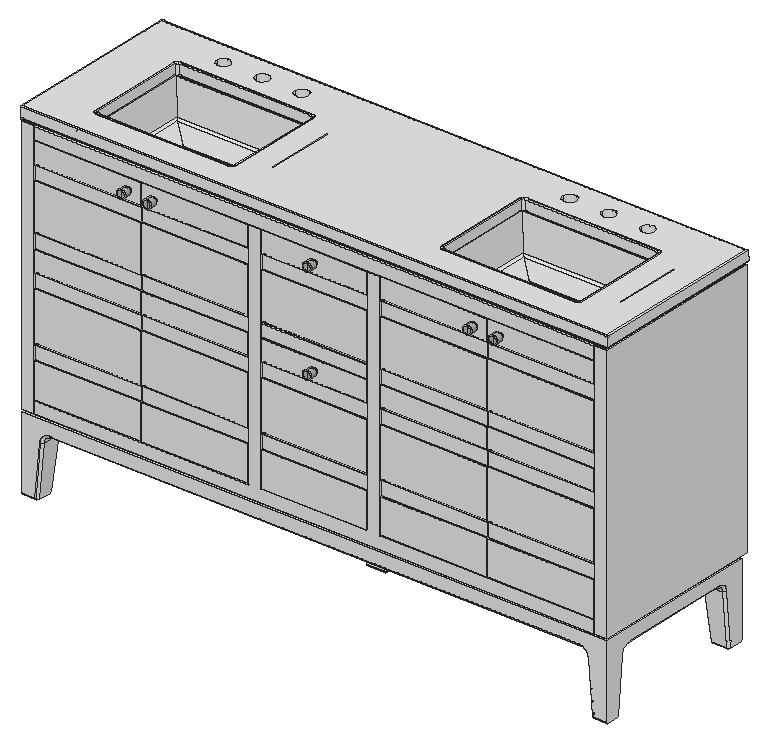
Revit family "Furniture-Floor_Mount-Vanity-KOHLER-HELST-K-33527_1", category Plumbing Fixtures, host Face, Revit 2017
Family settings
  Host = Face
  Round Connector Dimension = Use Diameter
  Part Type = Normal
  OmniClass Number = 23.31.25.13
  OmniClass Title = Bathroom Cabinets
  Cut with Voids When Loaded = No
  Shared = No
  Room Calculation Point = No
Parameters (values of type "0- White")
  Width = 60 39/256"  # constant formula
  WaterSense Certified = 1 = 0  # no
  Waste Water Outlet 2 = "Waste Water Outlet 2"  # constant formula
  Waste Water Outlet 1 = "Waste Water Outlet 1"  # constant formula
  Waste Connection = 1 = 1  # yes
  Vent Connection = 1 = 0  # no
  URL = "https://www.us.kohler.com/us/"
  Type = 1
  Product Page URL = "http://www.us.kohler.com/us/catalog/productDetails.jsp?productId=33527-ASB"
  Product Name = "HELST"  # constant formula
  Product Documentation Link = "https://www.us.kohler.com/webassets/kpna/catalog/pdf/en/K-33527-ASB_spec.pdf"
  Model = if(Type = 1, "K-33527-ASB-0", if(Type = 2, "K-33527-ASB-1WT", "NA"))  # "K-33527-ASB-0"
  Material = "Solid Wood"  # constant formula
  Master Format 2014 Name = "Residential Lavatories and Sinks"  # constant formula
  Master Format 2014 = "22 41 16"  # constant formula
  Manufacturer Address = "444 Highland Dr, Kohler, WI 53044"  # constant formula
  Manufacturer = "KOHLER Co."  # constant formula
  Length = 18 245/256"  # constant formula
  Hot Water Inlet = "Hot Water Inlet"  # constant formula
  Height = 35 201/256"  # constant formula
  Hardware Included = 1 = 1  # yes
  HW Connection = 1 = 0  # no
  Finish = Kohler-Wood-Molded-0-White
  Environmental Product Declaration = ""
  Drain Included = 1 = 0  # no
  Description = "VANITY 60 INCHES"  # constant formula
  Default Elevation = 0"
  Declare Label = ""
  Date Modified = "02/16/2021"  # constant formula
  Date Created = "02/16/2021"  # constant formula
  Copyright = "Copyright KOHLER Co."  # constant formula
  Contact Us = "https://www.us.kohler.com/us/static/contact.jsp"
  Cold Water Inlet = "Cold Water Inlet"  # constant formula
  CW Connection = 1 = 0  # no
  Assembly Code = "D2010400"
  ADA Compliant = 1 = 0  # no
Reference planes (in)
  plane 1 "Center (Front/Back)": y = 0
  plane 2: z = 0
  plane 3 "Center (Left/Right)": x = 0
  plane 4: y = 9.0231191
  plane 5: y = -9.0231191
  plane 6: x = -30.0768785
  plane 7: x = 30.0754652
  plane 8: x = -17.7755832
  plane 9: x = 17.7373349
  plane 10: y = -9.9339122
  plane 11: z = 35.7851562
  plane 12: z = 22.6757812
  plane 13: z = 21.7712795
  plane 14: x = -4.015748
  plane 15: x = 4.015748
  plane 16: x = -21.7373349
  plane 17: x = -13.8138315
  plane 18: x = 21.7373349
  plane 19: x = 13.8138315
  plane 20: y = 6.595383
  plane 21: y = -0.9768809
  plane 22: x = -29.1830635
  plane 23: x = 29.1830635
  plane 24: z = 6.1694272
  plane 25: z = 28.4623216
Dimensions and locks (in)
  "Width": plane 6 to plane 7
  "Height": plane 11 to level
  "Length": plane 4 to plane 10
  plane 4 to plane 5 = 18.04624"
  plane 6 to plane 8 to plane 9 to plane 7 = 12.3013", 35.51292", 12.33813"
  plane 16 to plane 8 to plane 17 = 3.96175", 3.96175"
  plane 19 to plane 9 to plane 18 = 3.9235", 4"
  plane 4 to plane 20 = 2.42774"
  plane 4 to plane 21 = 10"
  plane 1 "Center (Front/Back)" to plane 20 = 6.59538"
  plane 5 to plane 4 = 18.04624"
  plane 23 to plane 3 "Center (Left/Right)" to plane 22 = 29.18306", 29.18306"
  plane 24 to level = 6.16943"
  plane 25 to plane 11 = 7.32283"
  aligned and locked: plane 2 to host face
  aligned and locked: level to host face
Automatic sketch dimensions
  host sketch curve to host sketch curve = 96"  (x2)
Nested families (in)
  nested 1: "K-33527" at (0, 0, 0), type "K-33527"
Connectors (in)
  piping at (-17.7373434, -0.9375, 28.4248228), diameter 1.25, driven by "Waste Connection", driven by "Waste Water Outlet 1"
    settings: on nested 1, index 1, connector inside diameter 24", connector length 0", flow factor 0, pipe flow 0 GPM, pressure drop 0.00 psi, fitting loss kfactor 0, connector angle 0.00°, fixture units 0, engagement length 0", angle of deflection 0.00°, flow configuration 0, flow direction 2, fitting loss method 0, system type 16, joint type 0, gender type 0, connector reference index -1, connector utility 1, adjustable connector no, is connector primary yes, connector description "Waste Water Outlet 1"
  piping at (17.7373434, -0.9375, 28.4248228), diameter 1.25, driven by "Waste Connection", driven by "Waste Water Outlet 2"
    settings: on nested 1, index 2, connector inside diameter 24", connector length 0", flow factor 0, pipe flow 0 GPM, pressure drop 0.00 psi, fitting loss kfactor 0, connector angle 0.00°, fixture units 0, engagement length 0", angle of deflection 0.00°, flow configuration 0, flow direction 2, fitting loss method 0, system type 16, joint type 0, gender type 0, connector reference index -1, connector utility 1, adjustable connector no, is connector primary no, connector description "Waste Water Outlet 2"
Definition of nested family "K-33527"
  Parameters (values of type "K-33527")
    Material = none
  Reference planes (in)
    plane 1 "Center (Front/Back)": y = 0
    plane 2: z = 0
    plane 3 "Center (Left/Right)": x = 0
    plane 4: y = 9.0231191
    plane 5: y = 7.287481
    plane 6: y = 5.903285
    plane 7: y = 6.595383
    plane 8: y = 4.3554042
    plane 9: y = -6.0885751
    plane 10: y = -9.0231189
    plane 11: x = -30.0768785
    plane 12: x = -24.7872896
    plane 13: x = -10.6874812
    plane 14: x = 24.7872896
    plane 15: x = 10.6852294
    plane 16: x = -22.4294329
    plane 17: x = -21.0452369
    plane 18: x = -21.7373349
    plane 19: x = -18.4294329
    plane 20: x = -17.0452369
    plane 21: x = -17.7373349
    plane 22: x = -14.4294329
    plane 23: x = -13.0452369
    plane 24: x = -13.7373349
    plane 25: x = 22.4294329
    plane 26: x = 21.0452369
    plane 27: x = 21.7373349
    plane 28: x = 18.4294329
    plane 29: x = 17.0452369
    plane 30: x = 17.7373349
    plane 31: x = 14.4294329
    plane 32: x = 13.0452369
    plane 33: x = 13.7373349
    plane 34: y = -9.9333534
    plane 35: x = -19.4952722
    plane 36: x = -18.6150637
    plane 37: x = -16.857039
    plane 38: x = -15.9768306
    plane 39: x = 15.9755667
    plane 40: x = 16.8557751
    plane 41: x = 18.6137999
    plane 42: x = 19.4940083
    plane 43: x = -0.435164
    plane 44: x = 0.4450444
    plane 45: z = 35.7870276
    plane 46: z = 34.6059252
    plane 47: z = 34.3697047
    plane 48: z = 33.1098622
    plane 49: z = 33.011437
    plane 50: z = 30.8460827
    plane 51: z = 29.3495177
    plane 52: z = 24.5670571
    plane 53: z = 23.0700455
    plane 54: z = 20.9252695
    plane 55: z = 19.4283685
    plane 56: z = 14.3700961
    plane 57: z = 12.8733056
    plane 58: z = 9.3109857
    plane 59: z = 9.2122677
    plane 60: z = 7.9524252
    plane 61: z = 7.7164252
    plane 62: z = 6.4450177
    plane 63: z = 6.1694272
    plane 64: z = 0.236
    plane 65: z = 0.118
    plane 66: x = -28.7401502
    plane 67: x = -28.641725
    plane 68: x = -17.7755832
    plane 69: x = -17.677158
    plane 70: x = -6.8307013
    plane 71: x = -6.7322761
    plane 72: x = -5.4728588
    plane 73: x = -5.3744336
    plane 74: x = 28.7401502
    plane 75: x = 28.641725
    plane 76: x = 17.7952679
    plane 77: x = 17.677158
    plane 78: x = 6.8307013
    plane 79: x = 6.7322761
    plane 80: x = 5.4728588
    plane 81: x = 5.3744336
    plane 82: x = 29.7865879
    plane 83: x = -29.9999927
    plane 84: x = -29.7865879
    plane 85: x = 30.0768785
    plane 86: x = 29.9999927
    plane 87: x = -1.0036188
    plane 88: x = 1.0036188
    plane 89: z = 32.3711764
    plane 90: z = 31.4863433
    plane 91: z = 22.4493365
    plane 92: z = 21.5645033
    plane 93: z = 6.2004567
    plane 94: y = 1.0317426
    plane 95: y = -0.9761324
    plane 96: y = 8.9440182
    plane 97: y = -8.9690487
    plane 98: y = 8.2750458
    plane 99: z = 22.6767913
    plane 100: z = 21.7712795
    plane 101: x = -4.015748
    plane 102: x = 4.015748
    plane 103: y = 4.2538417
    plane 104: y = -5.9870126
    plane 105: x = -24.6857271
    plane 106: x = 24.6857271
    plane 107: x = 10.7889428
    plane 108: x = -10.7889428
    plane 109 "cc": y = -0.9768809
    plane 110: z = 28.4248228
    plane 111: z = 28.4248228
  Forms (in)
    Sweep 1, solid, detail levels medium+fine
      path origin (0, 0, 0) x (1, 0, 0) y (0, 1, 0)
        loop
          line (30.0599998, -9.0062405) -> (30.0599998, 9.0062407) -> (-30.0600002, 9.0062407) -> (-30.0600002, -9.0062405) -> (30.0599998, -9.0062405)
      profile origin (-0.0000002, -9.0062405, 0) x (0, -1, 0) y (0, 0, 1)
        loop
          line (0.0168784, 34.7136891) -> (0.0000008, 35.6806018)
          arc (0.0000008, 35.6806018) -> (-0.032379, 35.7559679) -> (-0.1082988, 35.7870276) r 0.1083162
          line (-0.1082988, 35.7870276) -> (-0.81048, 35.7870276) -> (-0.81048, 34.3699252) -> (-0.2734123, 34.3699252) -> (-0.2734123, 34.6059252) -> (-0.0890209, 34.6059252)
          arc (-0.0890209, 34.6059252) -> (-0.0134767, 34.6376035) -> (0.0168784, 34.7136891) r 0.1059154
    Extrusion 2, solid, detail levels medium+fine
      sketch origin (0, 0, 0) x (1, 0, 0) y (0, 1, 0)
        loop
          line (-29.2495201, 8.1957607) -> (-29.2495201, -8.1957605) -> (29.2495198, -8.1957605) -> (29.2495198, 8.1957607) -> (-29.2495201, 8.1957607)
        loop
          circle (-21.7373349, 6.595383) r 0.692098
        loop
          circle (-17.7373349, 6.595383) r 0.692098
        loop
          circle (-13.7373349, 6.595383) r 0.692098
        loop
          circle (13.7392276, 6.595383) r 0.692098
        loop
          circle (17.7392276, 6.595383) r 0.692098
        loop
          circle (21.7392276, 6.595383) r 0.692098
        loop
          line (-10.9042139, 4.5014996) -> (-24.5714364, 4.5014996)
          arc (-24.5714364, 4.5014996) -> (-24.8259009, 4.3960969) -> (-24.9313036, 4.1416324) r 0.3598672
          line (-24.9313036, 4.1416324) -> (-24.9313036, -5.8718944)
          arc (-24.9313036, -5.8718944) -> (-24.824963, -6.1286234) -> (-24.568234, -6.234964) r 0.3630696
          line (-24.568234, -6.234964) -> (-10.9067949, -6.234964)
          arc (-10.9067949, -6.234964) -> (-10.6483487, -6.127912) -> (-10.5412967, -5.8694658) r 0.3654982
          line (-10.5412967, -5.8694658) -> (-10.5412967, 4.1385824)
          arc (-10.5412967, 4.1385824) -> (-10.6475927, 4.3952036) -> (-10.9042139, 4.5014996) r 0.3629172
        loop
          line (24.5683861, 4.5014996) -> (10.9011636, 4.5014996)
          arc (10.9011636, 4.5014996) -> (10.6466991, 4.3960969) -> (10.5412964, 4.1416324) r 0.3598672
          line (10.5412964, 4.1416324) -> (10.5412964, -5.8718944)
          arc (10.5412964, -5.8718944) -> (10.647637, -6.1286234) -> (10.904366, -6.234964) r 0.3630696
          line (10.904366, -6.234964) -> (24.5658051, -6.234964)
          arc (24.5658051, -6.234964) -> (24.8242513, -6.127912) -> (24.9313033, -5.8694658) r 0.3654982
          line (24.9313033, -5.8694658) -> (24.9313033, 4.1385824)
          arc (24.9313033, 4.1385824) -> (24.8250073, 4.3952036) -> (24.5683861, 4.5014996) r 0.3629172
      from 34.6059252 to 35.7870276
    Sweep 3, solid, detail levels medium+fine
      path origin (0, 0, 0) x (1, 0, 0) y (0, 1, 0)
        loop
          arc (-24.5714364, 4.4667579) -> (-24.8013348, 4.3715308) -> (-24.8965619, 4.1416324) r 0.3251255
          line (-24.8965619, 4.1416324) -> (-24.8965619, -5.8718944)
          arc (-24.8965619, -5.8718944) -> (-24.8003969, -6.1040573) -> (-24.568234, -6.2002223) r 0.3283279
          line (-24.568234, -6.2002223) -> (-10.9067949, -6.2002223)
          arc (-10.9067949, -6.2002223) -> (-10.6729147, -6.103346) -> (-10.5760384, -5.8694658) r 0.3307565
          line (-10.5760384, -5.8694658) -> (-10.5760384, 4.1385824)
          arc (-10.5760384, 4.1385824) -> (-10.6721588, 4.3706375) -> (-10.9042139, 4.4667579) r 0.3281755
          line (-10.9042139, 4.4667579) -> (-24.5714364, 4.4667579)
      profile origin (-17.7378252, 4.4667579, 0) x (0, 1, 0) y (0, 0, 1)
        loop
          arc (-0.1113447, 34.7001523) -> (-0.0848027, 34.6336242) -> (-0.018748, 34.6059252) r 0.0926108
          line (-0.018748, 34.6059252) -> (0.0347417, 34.6059252) -> (0.0347417, 35.7870276) -> (0.0001575, 35.7870276)
          arc (0.0001575, 35.7870276) -> (-0.0658401, 35.7600272) -> (-0.0939882, 35.6945109) r 0.09416
          line (-0.0939882, 35.6945109) -> (-0.1113447, 34.7001523)
    Sweep 4, solid, detail levels medium+fine
      path origin (35.4726, 0, 0) x (1, 0, 0) y (0, 1, 0)
        loop
          arc (-24.5714364, 4.4667579) -> (-24.8013348, 4.3715308) -> (-24.8965619, 4.1416324) r 0.3251255
          line (-24.8965619, 4.1416324) -> (-24.8965619, -5.8718944)
          arc (-24.8965619, -5.8718944) -> (-24.8003969, -6.1040573) -> (-24.568234, -6.2002223) r 0.3283279
          line (-24.568234, -6.2002223) -> (-10.9067949, -6.2002223)
          arc (-10.9067949, -6.2002223) -> (-10.6729147, -6.103346) -> (-10.5760384, -5.8694658) r 0.3307565
          line (-10.5760384, -5.8694658) -> (-10.5760384, 4.1385824)
          arc (-10.5760384, 4.1385824) -> (-10.6721588, 4.3706375) -> (-10.9042139, 4.4667579) r 0.3281755
          line (-10.9042139, 4.4667579) -> (-24.5714364, 4.4667579)
      profile origin (17.7347748, 4.4667579, 0) x (0, 1, 0) y (0, 0, 1)
        loop
          arc (-0.1113447, 34.7001523) -> (-0.0848027, 34.6336242) -> (-0.018748, 34.6059252) r 0.0926108
          line (-0.018748, 34.6059252) -> (0.0347417, 34.6059252) -> (0.0347417, 35.7870276) -> (0.0001575, 35.7870276)
          arc (0.0001575, 35.7870276) -> (-0.0658401, 35.7600272) -> (-0.0939882, 35.6945109) r 0.09416
          line (-0.0939882, 35.6945109) -> (-0.1113447, 34.7001523)
    Extrusion 5, solid, material <- "Material", detail levels medium+fine
      sketch origin (0, 0, 0) x (1, 0, 0) y (0, 0, 1)
        loop
          line (28.7401498, 7.9524252) -> (29.9999924, 7.9524252) -> (29.9999924, 34.3697047) -> (-29.9999927, 34.3697047) -> (-29.9999927, 7.9524252) -> (-28.7401502, 7.9524252) -> (-28.7401502, 33.011437) -> (28.7401498, 33.011437) -> (28.7401498, 7.9524252)
      from -8.9440182 to 8.9690487
    Extrusion 6, solid, material <- "Material", detail levels medium+fine
      sketch origin (0, 0, 0) x (1, 0, 0) y (0, 0, 1)
        loop
          line (6.7322758, 9.3106496) -> (6.7322758, 16.2430345) -> (6.7322758, 33.011437) -> (6.1416144, 33.011437) -> (6.1416144, 9.3106496) -> (6.7322758, 9.3106496)
      from -8.3490735 to 8.3391274
    Extrusion 7, solid, material <- "Material", detail levels medium+fine
      sketch origin (0, 0, 0) x (1, 0, 0) y (0, 1, 0)
        loop
          arc (19.7633231, -0.9459892) -> (17.7554491, -2.9538632) -> (15.747575, -0.9459892) r 2.007874
          line (15.747575, -0.9459892) -> (15.747575, 4.0219119) -> (6.7322758, 4.0219119) -> (6.7322758, -8.2603873) -> (29.4089924, -8.2603873) -> (29.4089924, 4.0219119) -> (19.7633231, 4.0219119) -> (19.7633231, -0.9459892)
        loop
          line (-29.4089927, -8.2603873) -> (-6.7322754, -8.2603873) -> (-6.7322754, 4.0219119) -> (-15.7475754, 4.0219119) -> (-15.7475754, -0.9392642)
          arc (-15.7475754, -0.9392642) -> (-17.7554494, -2.9471382) -> (-19.7633234, -0.9392642) r 2.007874
          line (-19.7633234, -0.9392642) -> (-19.7633234, 4.0219119) -> (-29.4089927, 4.0219119) -> (-29.4089927, -8.2603873)
      from 16.3758736 to 16.9664248
    Extrusion 8, solid, material <- "Material", detail levels medium+fine
      sketch origin (-0.0008672, 0, 0) x (-1, 0, 0) y (0, 0, -1)
        loop
          line (6.8298341, -9.3106496) -> (6.1408577, -9.3106496) -> (6.1408577, -33.011437) -> (6.8298341, -33.011437) -> (6.8298341, -16.2430345) -> (6.8298341, -9.3106496)
      from -8.3490735 to 8.3391274
    Extrusion 9, solid, material <- "Material", detail levels medium+fine
      sketch origin (0, 0, 0) x (1, 0, 0) y (0, 0, 1)
        loop
          line (6.1417404, 24.3892806) -> (-6.1417242, 24.3892806) -> (-6.1417242, 23.7987306) -> (6.1417404, 23.7987306) -> (6.1417404, 24.3892806)
      from -8.3544824 to -4.7507642
    Extrusion 10, void
      sketch origin (0, 0, 0) x (0, 1, 0) y (0, 0, 1)
        loop
          line (-9.0802332, 33.0317087) -> (-8.8917101, 33.0317087) -> (-8.8917101, 33.1098622) -> (-9.0802332, 33.1098622) -> (-9.0802332, 33.0317087)
        loop
          arc (-8.8509385, 30.8072789) -> (-8.8623038, 30.8347173) -> (-8.8897423, 30.8460827) r 0.0388038
          line (-8.8897423, 30.8460827) -> (-9.0802332, 30.8460827) -> (-9.0802332, 29.3500197) -> (-8.8892403, 29.3500197)
          arc (-8.8892403, 29.3500197) -> (-8.8621568, 29.361238) -> (-8.8509385, 29.3883215) r 0.0383019
          line (-8.8509385, 29.3883215) -> (-8.8509385, 30.8072789)
        loop
          arc (-8.8509385, 24.5277872) -> (-8.8622933, 24.5552003) -> (-8.8897064, 24.5665551) r 0.0387679
          line (-8.8897064, 24.5665551) -> (-9.0802332, 24.5665551) -> (-9.0802332, 23.0704921) -> (-8.8897616, 23.0704921)
          arc (-8.8897616, 23.0704921) -> (-8.8623095, 23.0818632) -> (-8.8509385, 23.1093153) r 0.0388232
          line (-8.8509385, 23.1093153) -> (-8.8509385, 24.5277872)
        loop
          arc (-8.8509385, 20.8860549) -> (-8.8622933, 20.913468) -> (-8.8897064, 20.9248228) r 0.0387679
          line (-8.8897064, 20.9248228) -> (-9.0802332, 20.9248228) -> (-9.0802332, 19.4287598) -> (-8.8897616, 19.4287598)
          arc (-8.8897616, 19.4287598) -> (-8.8623095, 19.4401309) -> (-8.8509385, 19.467583) r 0.0388232
          line (-8.8509385, 19.467583) -> (-8.8509385, 20.8860549)
        loop
          arc (-8.8509385, 14.3309368) -> (-8.8622933, 14.3583499) -> (-8.8897064, 14.3697047) r 0.0387679
          line (-8.8897064, 14.3697047) -> (-9.0802332, 14.3697047) -> (-9.0802332, 12.8736417) -> (-8.8897616, 12.8736417)
          arc (-8.8897616, 12.8736417) -> (-8.8623095, 12.8850128) -> (-8.8509385, 12.9124649) r 0.0388232
          line (-8.8509385, 12.9124649) -> (-8.8509385, 14.3309368)
        loop
          line (-8.89097, 9.2122677) -> (-8.89097, 9.3106496) -> (-9.0802332, 9.3106496) -> (-9.0802332, 9.2122677) -> (-8.89097, 9.2122677)
      from -28.7401502 to 28.7401498
    Extrusion 11, solid, material <- "Material", detail levels medium+fine
      sketch origin (0, 0, 0) x (1, 0, 0) y (0, 0, 1)
        loop
          line (-28.7401502, 7.9524252) -> (28.7401498, 7.9524252) -> (28.7401498, 34.3697047) -> (-28.7401502, 34.3697047) -> (-28.7401502, 7.9524252)
      from 8.2603873 to 8.9690487
    Extrusion 12, void
      sketch origin (0, 0, 0) x (1, 0, 0) y (0, 0, 1)
        loop
          line (-28.7401502, 34.3697047) -> (-28.7401502, 7.9524252) -> (-28.66141, 7.9524252) -> (-28.66141, 9.2122677) -> (-6.7322761, 9.2122677) -> (-6.7322761, 33.0317087) -> (-5.4724336, 33.0317087) -> (-5.4724336, 24.1179771) -> (-5.4724336, 9.2122677) -> (5.4724333, 9.2122677) -> (5.4724333, 24.6967675) -> (5.4724333, 33.0317087) -> (6.7322758, 33.0317087) -> (6.7322758, 9.2122677) -> (28.6614246, 9.2122677) -> (28.6614246, 7.9524252) -> (28.7401498, 7.9524252) -> (28.7401498, 34.3697047) -> (28.6614097, 34.3697047) -> (28.6614097, 33.1098622) -> (-28.66141, 33.1098622) -> (-28.66141, 34.3697047) -> (-28.7401502, 34.3697047)
        loop
          line (-28.641725, 9.3106496) -> (-17.7952683, 9.3106496) -> (-17.7952683, 33.011437) -> (-28.641725, 33.011437) -> (-28.641725, 9.3106496)
        loop
          line (-17.677158, 9.3106496) -> (-6.8307013, 9.3106496) -> (-6.8307013, 33.011437) -> (-17.677158, 33.011437) -> (-17.677158, 9.3106496)
        loop
          line (-5.3744336, 9.3106496) -> (5.3735664, 9.3106496) -> (5.3735664, 23.0901772) -> (-5.3744336, 23.0901772) -> (-5.3744336, 9.3106496)
        loop
          line (-5.3744336, 24.5468701) -> (5.3735664, 24.5468701) -> (5.3735664, 33.011437) -> (-5.3744336, 33.011437) -> (-5.3744336, 24.5468701)
        loop
          line (-5.3744336, 24.4482913) -> (-5.3744336, 23.1884488) -> (5.3735664, 23.1884488) -> (5.3735664, 24.4482913) -> (-5.3744336, 24.4482913)
        loop
          line (28.6417246, 9.3106496) -> (28.6417246, 33.011437) -> (17.7952679, 33.011437) -> (17.7952679, 9.3106496) -> (28.6417246, 9.3106496)
        loop
          line (6.830701, 9.3106496) -> (17.6771577, 9.3106496) -> (17.6771577, 33.011437) -> (6.830701, 33.011437) -> (6.830701, 9.3106496)
      from 8.7081337 to 9.0730732
    Revolve 13, solid, detail levels medium+fine
      sketch origin (0, 0, 0) x (0, 1, 0) y (0, 0, 1)
        loop
          line (-9.2400531, 32.347618) -> (-9.8922674, 32.3703938)
          arc (-9.8922674, 32.3703938) -> (-9.9214161, 32.3592047) -> (-9.9336156, 32.3304643) r 0.0399538
          line (-9.9336156, 32.3304643) -> (-9.9336156, 31.9287598) -> (-8.8990226, 31.9287598) -> (-8.8990226, 32.20578)
          arc (-8.8990226, 32.20578) -> (-9.0071735, 32.2077311) -> (-9.1125109, 32.2323167) r 0.5129809
          arc (-9.1125109, 32.2323167) -> (-9.1478684, 32.2480926) -> (-9.1800577, 32.2696072) r 0.2286825
          arc (-9.1800577, 32.2696072) -> (-9.2039018, 32.2962523) -> (-9.2177013, 32.3292384) r 0.1076304
          arc (-9.2177013, 32.3292384) -> (-9.225764, 32.3422143) -> (-9.2400531, 32.347618) r 0.023806
        axis (-8.8990226, 31.9287598) -> (-9.9336156, 31.9287598)
      angle from 0 to 360
    Revolve 14, solid, detail levels medium+fine
      sketch origin (-16.4167526, 0, 0) x (0, 1, 0) y (0, 0, 1)
        loop
          line (-9.2400531, 32.347618) -> (-9.8922674, 32.3703938)
          arc (-9.8922674, 32.3703938) -> (-9.9214161, 32.3592047) -> (-9.9336156, 32.3304643) r 0.0399538
          line (-9.9336156, 32.3304643) -> (-9.9336156, 31.9287598) -> (-8.8685293, 31.9287598) -> (-8.8685293, 32.2093802)
          arc (-8.8685293, 32.2093802) -> (-8.9919099, 32.2060654) -> (-9.1125109, 32.2323167) r 0.5129809
          arc (-9.1125109, 32.2323167) -> (-9.1478684, 32.2480926) -> (-9.1800577, 32.2696072) r 0.2286825
          arc (-9.1800577, 32.2696072) -> (-9.2039018, 32.2962523) -> (-9.2177013, 32.3292384) r 0.1076304
          arc (-9.2177013, 32.3292384) -> (-9.225764, 32.3422143) -> (-9.2400531, 32.347618) r 0.023806
        axis (-8.8685293, 31.9287598) -> (-9.9336156, 31.9287598)
      angle from 0 to 360
    Revolve 15, solid, detail levels medium+fine
      sketch origin (-19.054536, 0, 0) x (0, 1, 0) y (0, 0, 1)
        loop
          line (-9.2400531, 32.347618) -> (-9.8922674, 32.3703938)
          arc (-9.8922674, 32.3703938) -> (-9.9214161, 32.3592047) -> (-9.9336156, 32.3304643) r 0.0399538
          line (-9.9336156, 32.3304643) -> (-9.9336156, 31.9287598) -> (-8.8816326, 31.9287598) -> (-8.8816326, 32.2076062)
          arc (-8.8816326, 32.2076062) -> (-8.9984883, 32.2067266) -> (-9.1125109, 32.2323167) r 0.5129809
          arc (-9.1125109, 32.2323167) -> (-9.1478684, 32.2480926) -> (-9.1800577, 32.2696072) r 0.2286825
          arc (-9.1800577, 32.2696072) -> (-9.2039018, 32.2962523) -> (-9.2177013, 32.3292384) r 0.1076304
          arc (-9.2177013, 32.3292384) -> (-9.225764, 32.3422143) -> (-9.2400531, 32.347618) r 0.023806
        axis (-8.8816326, 31.9287598) -> (-9.9336156, 31.9287598)
      angle from 0 to 360
    Revolve 16, solid, detail levels medium+fine
      sketch origin (16.4179072, 0, 0) x (0, 1, 0) y (0, 0, 1)
        loop
          line (-9.2400531, 32.347618) -> (-9.8922674, 32.3703938)
          arc (-9.8922674, 32.3703938) -> (-9.9214161, 32.3592047) -> (-9.9336156, 32.3304643) r 0.0399538
          line (-9.9336156, 32.3304643) -> (-9.9336156, 31.9287598) -> (-8.8918916, 31.9287598) -> (-8.8918916, 32.2064564)
          arc (-8.8918916, 32.2064564) -> (-9.0036178, 32.2073017) -> (-9.1125109, 32.2323167) r 0.5129809
          arc (-9.1125109, 32.2323167) -> (-9.1478684, 32.2480926) -> (-9.1800577, 32.2696072) r 0.2286825
          arc (-9.1800577, 32.2696072) -> (-9.2039018, 32.2962523) -> (-9.2177013, 32.3292384) r 0.1076304
          arc (-9.2177013, 32.3292384) -> (-9.225764, 32.3422143) -> (-9.2400531, 32.347618) r 0.023806
        axis (-8.8918916, 31.9287598) -> (-9.9336156, 31.9287598)
      angle from 0 to 360
    Revolve 17, solid, detail levels medium+fine
      sketch origin (19.0556947, 0, 0) x (0, 1, 0) y (0, 0, 1)
        loop
          line (-9.2400531, 32.347618) -> (-9.8922674, 32.3703938)
          arc (-9.8922674, 32.3703938) -> (-9.9214161, 32.3592047) -> (-9.9336156, 32.3304643) r 0.0399538
          line (-9.9336156, 32.3304643) -> (-9.9336156, 31.9287598) -> (-8.8545902, 31.9287598) -> (-8.8545902, 32.2116471)
          arc (-8.8545902, 32.2116471) -> (-8.9848752, 32.2054529) -> (-9.1125109, 32.2323167) r 0.5129809
          arc (-9.1125109, 32.2323167) -> (-9.1478684, 32.2480926) -> (-9.1800577, 32.2696072) r 0.2286825
          arc (-9.1800577, 32.2696072) -> (-9.2039018, 32.2962523) -> (-9.2177013, 32.3292384) r 0.1076304
          arc (-9.2177013, 32.3292384) -> (-9.225764, 32.3422143) -> (-9.2400531, 32.347618) r 0.023806
        axis (-8.8545902, 31.9287598) -> (-9.9336156, 31.9287598)
      angle from 0 to 360
    Revolve 18, solid, detail levels medium+fine
      sketch origin (0.0001255, 0, -9.92184) x (0, 1, 0) y (0, 0, 1)
        loop
          line (-9.2400531, 32.347618) -> (-9.8922674, 32.3703938)
          arc (-9.8922674, 32.3703938) -> (-9.9214161, 32.3592047) -> (-9.9336156, 32.3304643) r 0.0399538
          line (-9.9336156, 32.3304643) -> (-9.9336156, 31.9287598) -> (-8.8393249, 31.9287598) -> (-8.8393249, 32.2145851)
          arc (-8.8393249, 32.2145851) -> (-8.9771226, 32.2048906) -> (-9.1125109, 32.2323167) r 0.5129809
          arc (-9.1125109, 32.2323167) -> (-9.1478684, 32.2480926) -> (-9.1800577, 32.2696072) r 0.2286825
          arc (-9.1800577, 32.2696072) -> (-9.2039018, 32.2962523) -> (-9.2177013, 32.3292384) r 0.1076304
          arc (-9.2177013, 32.3292384) -> (-9.225764, 32.3422143) -> (-9.2400531, 32.347618) r 0.023806
        axis (-8.8393249, 31.9287598) -> (-9.9336156, 31.9287598)
      angle from 0 to 360
    Extrusion 19, solid, material <- "Material", detail levels medium+fine
      sketch origin (0, 0, 0) x (0, 1, 0) y (0, 0, 1)
        loop
          line (8.2750458, 0.236) -> (8.2750458, 7.7164252) -> (-8.9690487, 7.7164252) -> (-8.9690487, 0.236) -> (-8.8510487, 0.118) -> (-7.4433175, 0.118) -> (-7.3257665, 0.2257156) -> (-6.8622182, 5.5240972)
          arc (-6.8622182, 5.5240972) -> (-6.6246707, 6.0057959) -> (-6.1241014, 6.2004567) r 0.7409363
          line (-6.1241014, 6.2004567) -> (5.4217931, 6.2004567)
          arc (5.4217931, 6.2004567) -> (5.9284858, 6.0034147) -> (6.1689392, 5.5158235) r 0.75
          line (6.1689392, 5.5158235) -> (6.6317636, 0.2257156) -> (6.7493146, 0.118) -> (8.1570458, 0.118) -> (8.2750458, 0.236)
      from -29.9999927 to 29.9999924
    Sweep 20, void
      path origin (-9.9340493, 20.848068, 0) x (-1, 0, 0) y (0, 0, 1)
        loop
          line (-38.2432875, 0.053944) -> (-37.7674451, 5.4928472)
          arc (-37.7674451, 5.4928472) -> (-37.5298976, 5.9745459) -> (-37.0293283, 6.1692067) r 0.7409363
          line (-37.0293283, 6.1692067) -> (17.179568, 6.1692067)
          arc (17.179568, 6.1692067) -> (17.6862607, 5.9721647) -> (17.9267141, 5.4845735) r 0.75
          line (17.9267141, 5.4845735) -> (18.4189369, -0.1415593)
      profile origin (-0.0091691, 20.848068, 6.1692067) x (0, 0, 1) y (0, 1, 0)
        loop
          line (0.0002205, -29.5056521) -> (0.0002205, -30.0312427) -> (0.275811, -30.0312427) -> (0.275811, -29.7812427) -> (0.0002205, -29.5056521)
        loop
          line (0.0078028, -12.8368711) -> (0.2833934, -12.5612806) -> (0.2833934, -12.3112806) -> (0.0078028, -12.3112806) -> (0.0078028, -12.8368711)
    Extrusion 21, void
      sketch origin (0, 0, 0) x (1, 0, 0) y (0, 0, 1)
        loop
          arc (-27.1136173, 6.1694272) -> (-27.6204589, 5.9723272) -> (-27.860983, 5.4845927) r 0.7502205
          line (-27.860983, 5.4845927) -> (-28.330499, 0.118) -> (28.3038554, 0.118) -> (27.8336155, 5.4928664)
          arc (27.8336155, 5.4928664) -> (27.5959973, 5.9747085) -> (27.0952791, 6.1694272) r 0.7411568
          line (27.0952791, 6.1694272) -> (-27.1136173, 6.1694272)
      from -9.0230773 to 12
    Sweep 22, void
      path origin (0, 0, 0) x (0, 1, 0) y (0, 0, 1)
        loop
          line (-7.6610131, -0.4441236) -> (-7.1380787, 5.5330446)
          arc (-7.1380787, 5.5330446) -> (-6.8068821, 6.2046448) -> (-6.1089719, 6.4760472) r 1.0330378
          line (-6.1089719, 6.4760472) -> (5.4452425, 6.4760472)
          arc (5.4452425, 6.4760472) -> (6.1208328, 6.2133246) -> (6.4414372, 5.563203) r 1
          line (6.4414372, 5.563203) -> (6.9425828, -0.1649165)
      profile origin (0, -0.3318647, 6.4760472) x (0, 0, 1) y (1, 0, 0)
        loop
          line (-0.3066201, -29.7400271) -> (-0.3066201, -30.1819964) -> (-0.0310295, -30.1819964) -> (-0.0310295, -30.0156177) -> (-0.3066201, -29.7400271)
        loop
          line (-0.2909951, 29.7562917) -> (-0.0154045, 30.0318822) -> (-0.0154045, 30.198261) -> (-0.2909951, 30.198261) -> (-0.2909951, 29.7562917)
    Extrusion 23, solid, material <- "Material", detail levels medium+fine
      sketch origin (0, 0, 0) x (1, 0, 0) y (0, 0, 1)
        loop
          line (29.4089924, 11.5150276) -> (8.2080443, 11.5150276) -> (8.2080443, 31.4360228) -> (4.6647373, 31.4360228) -> (4.6647373, 11.5150276) -> (-4.6653966, 11.5150276) -> (-4.6653966, 31.4360228) -> (-8.2087037, 31.4360228) -> (-8.2087037, 11.5150276) -> (-29.4089927, 11.5150276) -> (-29.4089927, 7.9524252) -> (29.4089924, 7.9524252) -> (29.4089924, 11.5150276)
      from -8.9440182 to -8.2750458
    Extrusion 24, solid, material <- "Material", detail levels medium+fine
      sketch origin (0, 0, 0) x (1, 0, 0) y (0, 1, 0)
        loop
          line (-4.4492368, 5.47977) -> (-4.4492368, 5.5191403) -> (-4.9216778, 5.5191403) -> (-4.9216778, -8.2603873) -> (4.920842, -8.2603873) -> (4.920842, 5.5191403) -> (4.448401, 5.5191403) -> (4.448401, 5.47977) -> (-4.4492368, 5.47977)
        loop
          line (4.448401, -7.7879463) -> (4.448401, 4.7507642) -> (-4.4492368, 4.7507642) -> (-4.4492368, -7.7879463) -> (4.448401, -7.7879463)
      from 11.5150276 to 15.4523819
    Extrusion 25, solid, material <- "Material", detail levels medium+fine
      sketch origin (0, 0, 0) x (1, 0, 0) y (0, 0, 1)
        loop
          line (4.6647373, 11.5150276) -> (4.6647373, 11.8155443) -> (-4.6653966, 11.8155443) -> (-4.6653966, 11.5150276) -> (4.6647373, 11.5150276)
      from -5.47977 to 7.7879463
    Extrusion 26, solid, material <- "Material", detail levels medium+fine
      sketch origin (0, 0, 0) x (1, 0, 0) y (0, 0, 1)
        loop
          line (-4.6653966, 24.9405709) -> (4.6647373, 24.9405709) -> (4.6647373, 30.6886024) -> (-4.6653966, 30.6886024) -> (-4.6653966, 24.9405709)
      from -5.5191409 to 8.2610487
    Extrusion 27, solid, material <- "Material", detail levels medium+fine
      sketch origin (0, 0, 0) x (1, 0, 0) y (0, 1, 0)
        loop
          line (29.7637719, 8.2750458) -> (-29.7637722, 8.2750458) -> (-29.7637722, -8.7081337) -> (29.7637719, -8.7081337) -> (29.7637719, 8.2750458)
      from 7.7164252 to 9.2122677
    Extrusion 28, solid, material <- "Material", detail levels medium+fine
      sketch origin (0, 0, 0) x (1, 0, 0) y (0, 1, 0)
        loop
          line (-1.0036012, 1.0317426) -> (-1.0036188, -0.9761324) -> (1.0042562, -0.9761499) -> (1.0042738, 1.0317251) -> (-1.0036012, 1.0317426)
      from 0.2361498 to 6.4760472
    Extrusion 29, void
      sketch origin (0, 0, 0) x (1, 0, 0) y (0, 0, 1)
        loop
          line (1.0301687, 0.3798978) -> (0.8540767, 0.2038058) -> (1.0867887, 0.2038058) -> (1.0867887, 0.3798978) -> (1.0301687, 0.3798978)
        loop
          line (-0.853449, 0.2038058) -> (-1.0339158, 0.3842726) -> (-1.0339158, 0.2038058) -> (-0.853449, 0.2038058)
      from -1.3181416 to 1.4199236
    Extrusion 30, void
      sketch origin (0.0296424, 0.0295809, 0) x (0, 1, 0) y (0, 0, 1)
        loop
          line (1.0301687, 0.3798978) -> (0.8540767, 0.2038058) -> (1.0867887, 0.2038058) -> (1.0867887, 0.3798978) -> (1.0301687, 0.3798978)
        loop
          line (-0.853449, 0.2038058) -> (-1.0339158, 0.3842726) -> (-1.0339158, 0.2038058) -> (-0.853449, 0.2038058)
      from -1.3181416 to 1.4199236
    Revolve 31, solid, material <- "Material", detail levels medium+fine
      sketch origin (0, -8.1527529, 0) x (1, 0, 0) y (0, 0, 1)
        loop
          line (-29.5830635, 0) -> (-29.1830635, 0) -> (-29.1830635, 0.1867739) -> (-29.5830635, 0.1867739)
          arc (-29.5830635, 0.1867739) -> (-29.6764505, 0.0933869) -> (-29.5830635, 0) r 0.0933869
        axis (-29.1830635, 0) -> (-29.1830635, 0.1867739)
      angle from 0 to 360
    Revolve 32, solid, material <- "Material", detail levels medium+fine
      sketch origin (0, 7.4584961, 0) x (1, 0, 0) y (0, 0, 1)
        loop
          line (-29.5830635, 0) -> (-29.1830635, 0) -> (-29.1830635, 0.1867739) -> (-29.5830635, 0.1867739)
          arc (-29.5830635, 0.1867739) -> (-29.6764505, 0.0933869) -> (-29.5830635, 0) r 0.0933869
        axis (-29.1830635, 0) -> (-29.1830635, 0.1867739)
      angle from 0 to 360
    Revolve 33, solid, material <- "Material", detail levels medium+fine
      sketch origin (0.001193, -8.1527529, 0) x (-1, 0, 0) y (0, 0, -1)
        loop
          arc (-29.5830635, 0) -> (-29.6764505, -0.0933869) -> (-29.5830635, -0.1867739) r 0.0933869
          line (-29.5830635, -0.1867739) -> (-29.1830635, -0.1867739) -> (-29.1830635, 0) -> (-29.5830635, 0)
        axis (-29.1830635, 0) -> (-29.1830635, -0.1867739)
      angle from 0 to 360
    Revolve 34, solid, material <- "Material", detail levels medium+fine
      sketch origin (0.001193, 7.4584961, 0) x (-1, 0, 0) y (0, 0, -1)
        loop
          arc (-29.5830635, 0) -> (-29.6764505, -0.0933869) -> (-29.5830635, -0.1867739) r 0.0933869
          line (-29.5830635, -0.1867739) -> (-29.1830635, -0.1867739) -> (-29.1830635, 0) -> (-29.5830635, 0)
        axis (-29.1830635, 0) -> (-29.1830635, -0.1867739)
      angle from 0 to 360
    Extrusion 35, solid, material <- "Material", detail levels medium+fine
      sketch origin (0, 0, 0) x (1, 0, 0) y (0, 0, 1)
        loop
          line (5.4724333, 23.1884488) -> (5.4724333, 9.2122677) -> (6.7322758, 9.2122677) -> (6.7322758, 33.1098622) -> (28.6614097, 33.1098622) -> (28.6614097, 34.3697047) -> (-28.66141, 34.3697047) -> (-28.66141, 33.1098622) -> (-6.7322761, 33.1098622) -> (-6.7322761, 9.2122677) -> (-5.4724336, 9.2122677) -> (-5.4724336, 23.1884488) -> (5.4724333, 23.1884488)
        loop
          line (-5.4724336, 24.4482913) -> (5.4724333, 24.4482913) -> (5.4724333, 33.1098622) -> (-5.4724336, 33.1098622) -> (-5.4724336, 24.4482913)
      from 8.5753873 to 8.9697101
    Revolve 36, solid, material <- "Material", detail levels medium+fine
      sketch origin (0, 0.0273437, 0) x (1, 0, 0) y (0, 0, 1)
        loop
          line (0.0003138, 0.3108948) -> (0.0003138, 0.1179492) -> (0.3968763, 0.1179492)
          arc (0.3968763, 0.1179492) -> (0.4933491, 0.214422) -> (0.3968763, 0.3108948) r 0.0964728
          line (0.3968763, 0.3108948) -> (0.0003138, 0.3108948)
        axis (0.0003138, 0.1179492) -> (0.0003138, 0.3108948)
      angle from 0 to 360
    Sweep 37, solid, detail levels medium+fine
      path origin (0, 0, 0) x (1, 0, 0) y (0, 1, 0)
        loop
          line (24.8965616, -6.2002223) -> (24.8965616, 4.4667579) -> (10.5760381, 4.4667579) -> (10.5760381, -6.2002223) -> (24.8965616, -6.2002223)
      profile origin (17.7362998, -6.2002223, 0) x (0, -1, 0) y (0, 0, 1)
        loop
          arc (-0.2665136, 30.8891253) -> (-0.3462465, 30.730938) -> (-0.5107809, 30.6652955) r 0.25
          line (-0.5107809, 30.6652955) -> (-3.2731389, 30.6170783)
          arc (-3.2731389, 30.6170783) -> (-3.6898509, 30.6116233) -> (-4.1065946, 30.6098049) r 47.7559202
          line (-4.1065946, 30.6098049) -> (-4.189835, 30.6098049) -> (-4.189835, 29.9227004) -> (-3.8564051, 29.9227004)
          arc (-3.8564051, 29.9227004) -> (-3.6899667, 29.9260102) -> (-3.5237915, 29.9359343) r 4.1864682
          line (-3.5237915, 29.9359343) -> (-0.1164419, 30.2075056)
          arc (-0.1164419, 30.2075056) -> (0.0872642, 30.2999867) -> (0.184846, 30.5012992) r 0.3292505
          line (0.184846, 30.5012992) -> (0.5406084, 33.8861518)
          arc (0.5406084, 33.8861518) -> (0.6219562, 34.0458059) -> (0.7892389, 34.1100197) r 0.25
          line (0.7892389, 34.1100197) -> (0.9012216, 34.1100197)
          arc (0.9012216, 34.1100197) -> (1.0362846, 34.1625428) -> (1.1003794, 34.2925141) r 0.1999185
          line (1.1003794, 34.2925141) -> (1.1220686, 34.5404228)
          arc (1.1220686, 34.5404228) -> (1.1064685, 34.5863791) -> (1.0620466, 34.6059252) r 0.0602512
          line (1.0620466, 34.6059252) -> (0.3492389, 34.6059252)
          arc (0.3492389, 34.6059252) -> (0.1819562, 34.5417114) -> (0.1006084, 34.3820573) r 0.25
          line (0.1006084, 34.3820573) -> (-0.2665136, 30.8891253)
    Extrusion 38, void
      sketch origin (0, 0, 0) x (1, 0, 0) y (0, 1, 0)
        loop
          line (25.4995198, -6.6957605) -> (25.4995198, 4.7507642) -> (10.0053488, 4.7507642) -> (10.0053488, -6.6957605) -> (25.4995198, -6.6957605)
        loop
          line (-9.8862144, -6.7612129) -> (-9.8862144, 4.7507642) -> (-25.2996839, 4.7507642) -> (-25.2996839, -6.7612129) -> (-9.8862144, -6.7612129)
      from 29.3500197 to 37.0837668
    Extrusion 39, solid, detail levels medium+fine
      sketch origin (0, 0, 0) x (1, 0, 0) y (0, 1, 0)
        loop
          line (14.7658731, -2.0103873) -> (20.7067266, -2.0103873) -> (20.7067266, 0.2769229) -> (14.7658731, 0.2769229) -> (14.7658731, -2.0103873)
      from 29.9227004 to 30.6098049
    Sweep 40, solid, detail levels medium+fine
      path origin (-0.0006594, 0, 0) x (-1, 0, 0) y (0, 1, 0)
        loop
          line (24.8965616, -6.2002223) -> (24.8965616, 4.4667579) -> (10.5760381, 4.4667579) -> (10.5760381, -6.2002223) -> (24.8965616, -6.2002223)
      profile origin (-17.7369592, -6.2002223, 0) x (0, 1, 0) y (0, 0, 1)
        loop
          line (0.2665136, 30.8891253) -> (-0.1006084, 34.3820573)
          arc (-0.1006084, 34.3820573) -> (-0.1819562, 34.5417114) -> (-0.3492389, 34.6059252) r 0.25
          line (-0.3492389, 34.6059252) -> (-1.0620466, 34.6059252)
          arc (-1.0620466, 34.6059252) -> (-1.1064685, 34.5863791) -> (-1.1220686, 34.5404228) r 0.0602512
          line (-1.1220686, 34.5404228) -> (-1.1003794, 34.2925141)
          arc (-1.1003794, 34.2925141) -> (-1.0362846, 34.1625428) -> (-0.9012216, 34.1100197) r 0.1999185
          line (-0.9012216, 34.1100197) -> (-0.7892389, 34.1100197)
          arc (-0.7892389, 34.1100197) -> (-0.6219562, 34.0458059) -> (-0.5406084, 33.8861518) r 0.25
          line (-0.5406084, 33.8861518) -> (-0.184846, 30.5012992)
          arc (-0.184846, 30.5012992) -> (-0.0872642, 30.2999867) -> (0.1164419, 30.2075056) r 0.3292505
          line (0.1164419, 30.2075056) -> (3.5237915, 29.9359343)
          arc (3.5237915, 29.9359343) -> (3.6899667, 29.9260102) -> (3.8564051, 29.9227004) r 4.1864682
          line (3.8564051, 29.9227004) -> (4.189835, 29.9227004) -> (4.189835, 30.6098049) -> (4.1065946, 30.6098049)
          arc (4.1065946, 30.6098049) -> (3.6898509, 30.6116233) -> (3.2731389, 30.6170783) r 47.7559202
          line (3.2731389, 30.6170783) -> (0.5107809, 30.6652955)
          arc (0.5107809, 30.6652955) -> (0.3462465, 30.730938) -> (0.2665136, 30.8891253) r 0.25
    Extrusion 41, solid, detail levels medium+fine
      sketch origin (-0.0006594, 0, 0) x (-1, 0, 0) y (0, -1, 0)
        loop
          line (14.7658731, 2.0103873) -> (14.7658731, -0.2769229) -> (20.7067266, -0.2769229) -> (20.7067266, 2.0103873) -> (14.7658731, 2.0103873)
      from 29.9227004 to 30.6098049
    Extrusion 42, void
      sketch origin (0, 0, 0) x (1, 0, 0) y (0, 0, 1)
        loop
          circle (7.699283, 32.7776659) r 0.3000787
        loop
          circle (5.1730014, 32.7776659) r 0.3000787
        loop
          circle (7.699283, 30.105562) r 0.3000787
        loop
          circle (5.1730014, 30.105562) r 0.3000787
        loop
          circle (-7.6999424, 32.7776659) r 0.3000787
        loop
          circle (-5.1736608, 32.7776659) r 0.3000787
        loop
          circle (-7.6999424, 30.105562) r 0.3000787
        loop
          circle (-5.1736608, 30.105562) r 0.3000787
        loop
          circle (7.699283, 12.8502989) r 0.3000787
        loop
          circle (5.1730014, 12.8502989) r 0.3000787
        loop
          circle (7.699283, 10.178195) r 0.3000787
        loop
          circle (5.1730014, 10.178195) r 0.3000787
        loop
          circle (-7.6999424, 12.8502989) r 0.3000787
        loop
          circle (-5.1736608, 12.8502989) r 0.3000787
        loop
          circle (-7.6999424, 10.178195) r 0.3000787
        loop
          circle (-5.1736608, 10.178195) r 0.3000787
        loop
          circle (6.4356071, 22.7565966) r 0.1998236
        loop
          circle (-6.4362665, 22.7565966) r 0.1998236
      from -11.115603 to -7.1833604
    Extrusion 43, solid, material <- "Material", detail levels coarse
      sketch origin (0, 0, 0) x (1, 0, 0) y (0, 1, 0)
        loop
          line (-29.9999927, 8.9440182) -> (-29.9999927, 5.6352913) -> (-27.1136173, 5.6352913) -> (-27.1136173, 8.9440182) -> (-29.9999927, 8.9440182)
        loop
          line (-29.9999927, -8.9690487) -> (-27.1136173, -8.9690487) -> (-27.1136173, -5.6603218) -> (-29.9999927, -5.6603218) -> (-29.9999927, -8.9690487)
        loop
          line (29.9993333, 8.9440182) -> (27.1129579, 8.9440182) -> (27.1129579, 5.6352913) -> (29.9993333, 5.6352913) -> (29.9993333, 8.9440182)
        loop
          line (29.9993333, -8.9690487) -> (29.9993333, -5.6603218) -> (27.1129579, -5.6603218) -> (27.1129579, -8.9690487) -> (29.9993333, -8.9690487)
        loop
          line (-1.1230873, 1.1783526) -> (-1.1230873, -1.0716474) -> (1.1269127, -1.0716474) -> (1.1269127, 1.1783526) -> (-1.1230873, 1.1783526)
      from 0 to 12
    Extrusion 44, solid, material <- "Material", detail levels coarse
      sketch origin (0, 0, 0) x (1, 0, 0) y (0, 1, 0)
        loop
          line (-30.0785078, 9.0247429) -> (-30.0785078, -9.0247427) -> (30.0785075, -9.0247427) -> (30.0785075, 9.0247429) -> (-30.0785078, 9.0247429)
      from 6.2004567 to 34.6059252
    Extrusion 45, solid, detail levels coarse
      sketch origin (0, 0, 0) x (1, 0, 0) y (0, 1, 0)
        loop
          line (30.3116983, 9.0247429) -> (-30.1465189, 9.0247429) -> (-30.1465189, -9.0247427) -> (30.3116983, -9.0247427) -> (30.3116983, 9.0247429)
      from 34.6059252 to 35.7870276
    Extrusion 46, void
      sketch origin (0, 0, 0) x (1, 0, 0) y (0, 1, 0)
        loop
          circle (-21.7373349, 6.595383) r 0.692098
        loop
          circle (-17.7373349, 6.595383) r 0.692098
        loop
          circle (-13.7373349, 6.595383) r 0.692098
        loop
          line (-10.2912967, 4.7514996) -> (-25.1813036, 4.7514996) -> (-25.1813036, -6.547464) -> (-10.2912967, -6.547464) -> (-10.2912967, 4.7514996)
        loop
          circle (21.7373346, 6.595383) r 0.692098
        loop
          circle (17.7373346, 6.595383) r 0.692098
        loop
          circle (13.7373346, 6.595383) r 0.692098
        loop
          line (10.2912964, 4.7514996) -> (10.2912964, -6.547464) -> (25.1813033, -6.547464) -> (25.1813033, 4.7514996) -> (10.2912964, 4.7514996)
      from 30.4789134 to 36.8359258
    Sweep 47, solid, detail levels coarse
      path origin (-0.1760232, -0.0819603, 1.1642915) x (-1, 0, 0) y (0, 1, 0)
        loop
          line (24.8965616, -6.2002223) -> (24.8965616, 4.4667579) -> (10.5760381, 4.4667579) -> (10.5760381, -6.2002223) -> (24.8965616, -6.2002223)
      profile origin (-17.912323, -6.2821826, 1.1642915) x (0, 1, 0) y (0, 0, 1)
        loop
          line (0.2665136, 30.8891253) -> (-0.1006084, 34.3820573)
          arc (-0.1006084, 34.3820573) -> (-0.1819562, 34.5417114) -> (-0.3492389, 34.6059252) r 0.25
          line (-0.3492389, 34.6059252) -> (-1.0620466, 34.6059252)
          arc (-1.0620466, 34.6059252) -> (-1.1064685, 34.5863791) -> (-1.1220686, 34.5404228) r 0.0602512
          line (-1.1220686, 34.5404228) -> (-1.1003794, 34.2925141)
          arc (-1.1003794, 34.2925141) -> (-1.0362846, 34.1625428) -> (-0.9012216, 34.1100197) r 0.1999185
          line (-0.9012216, 34.1100197) -> (-0.7892389, 34.1100197)
          arc (-0.7892389, 34.1100197) -> (-0.6219562, 34.0458059) -> (-0.5406084, 33.8861518) r 0.25
          line (-0.5406084, 33.8861518) -> (-0.184846, 30.5012992)
          arc (-0.184846, 30.5012992) -> (-0.0872642, 30.2999867) -> (0.1164419, 30.2075056) r 0.3292505
          line (0.1164419, 30.2075056) -> (3.5237915, 29.9359343)
          arc (3.5237915, 29.9359343) -> (3.6899667, 29.9260102) -> (3.8564051, 29.9227004) r 4.1864682
          line (3.8564051, 29.9227004) -> (4.189835, 29.9227004) -> (4.189835, 30.6098049) -> (4.1065946, 30.6098049)
          arc (4.1065946, 30.6098049) -> (3.6898509, 30.6116233) -> (3.2731389, 30.6170783) r 47.7559202
          line (3.2731389, 30.6170783) -> (0.5107809, 30.6652955)
          arc (0.5107809, 30.6652955) -> (0.3462465, 30.730938) -> (0.2665136, 30.8891253) r 0.25
    Extrusion 48, solid, detail levels coarse
      sketch origin (8, -18.0751808, -10.6003778) x (1, 0, 0) y (0, 1, 0)
        loop
          line (-28.8827498, 18.2701434) -> (-28.8827497, 15.9828332) -> (-22.9418963, 15.9828332) -> (-22.9418963, 18.2701434) -> (-28.8827498, 18.2701434)
      from 41.6873697 to 42.3744742
    Sweep 49, solid, detail levels coarse
      path origin (35.8239768, -0.0819603, 1.1396693) x (-1, 0, 0) y (0, 1, 0)
        loop
          line (24.8965616, -6.2002223) -> (24.8965616, 4.4667579) -> (10.5760381, 4.4667579) -> (10.5760381, -6.2002223) -> (24.8965616, -6.2002223)
      profile origin (18.087677, -6.2821826, 1.1396693) x (0, 1, 0) y (0, 0, 1)
        loop
          line (0.2665136, 30.8891253) -> (-0.1006084, 34.3820573)
          arc (-0.1006084, 34.3820573) -> (-0.1819562, 34.5417114) -> (-0.3492389, 34.6059252) r 0.25
          line (-0.3492389, 34.6059252) -> (-1.0620466, 34.6059252)
          arc (-1.0620466, 34.6059252) -> (-1.1064685, 34.5863791) -> (-1.1220686, 34.5404228) r 0.0602512
          line (-1.1220686, 34.5404228) -> (-1.1003794, 34.2925141)
          arc (-1.1003794, 34.2925141) -> (-1.0362846, 34.1625428) -> (-0.9012216, 34.1100197) r 0.1999185
          line (-0.9012216, 34.1100197) -> (-0.7892389, 34.1100197)
          arc (-0.7892389, 34.1100197) -> (-0.6219562, 34.0458059) -> (-0.5406084, 33.8861518) r 0.25
          line (-0.5406084, 33.8861518) -> (-0.184846, 30.5012992)
          arc (-0.184846, 30.5012992) -> (-0.0872642, 30.2999867) -> (0.1164419, 30.2075056) r 0.3292505
          line (0.1164419, 30.2075056) -> (3.5237915, 29.9359343)
          arc (3.5237915, 29.9359343) -> (3.6899667, 29.9260102) -> (3.8564051, 29.9227004) r 4.1864682
          line (3.8564051, 29.9227004) -> (4.189835, 29.9227004) -> (4.189835, 30.6098049) -> (4.1065946, 30.6098049)
          arc (4.1065946, 30.6098049) -> (3.6898509, 30.6116233) -> (3.2731389, 30.6170783) r 47.7559202
          line (3.2731389, 30.6170783) -> (0.5107809, 30.6652955)
          arc (0.5107809, 30.6652955) -> (0.3462465, 30.730938) -> (0.2665136, 30.8891253) r 0.25
    Extrusion 50, solid, detail levels coarse
      sketch origin (44, -18.0751808, -10.625) x (1, 0, 0) y (0, 1, 0)
        loop
          line (-28.8827498, 18.2701434) -> (-28.8827497, 15.9828332) -> (-22.9418963, 15.9828332) -> (-22.9418963, 18.2701434) -> (-28.8827498, 18.2701434)
      from 41.6873697 to 42.3744742
    Extrusion 51, solid, detail levels coarse
      sketch origin (0, 0, 0) x (1, 0, 0) y (0, 0, 1)
        loop
          circle (-19.054536, 31.9287598) r 0.5
        loop
          circle (-16.422272, 31.9287598) r 0.5
        loop
          circle (-0.016022, 31.9287598) r 0.5
        loop
          circle (-0.016022, 21.9912598) r 0.5
        loop
          circle (16.408367, 31.937527) r 0.5
        loop
          circle (19.033367, 31.937527) r 0.5
      from 7.6963702 to 10.0956314
    Extrusion 52, void
      sketch origin (0, 0, 0) x (1, 0, 0) y (0, 1, 0)
        loop
          circle (-17.7373434, -0.9375) r 1.7058869
      from 26.838316 to 34.6059252
    Revolve 53, solid, detail levels medium+fine
      sketch origin (0, -0.9375, 0) x (1, 0, 0) y (0, 0, 1)
        loop
          arc (-16.5187507, 28.4248228) -> (-16.4464327, 28.4529458) -> (-16.4121139, 28.5225375) r 0.1070441
          line (-16.4121139, 28.5225375) -> (-16.2670209, 30.1809573)
          arc (-16.2670209, 30.1809573) -> (-16.1944888, 30.3969037) -> (-16.0314565, 30.5560082) r 0.4855769
          arc (-16.0314565, 30.5560082) -> (-16.0311614, 30.5890313) -> (-16.0631286, 30.5973199) r 0.0268273
          arc (-16.0631286, 30.5973199) -> (-16.1964738, 30.502567) -> (-16.2800225, 30.3619303) r 0.3951857
          arc (-16.2800225, 30.3619303) -> (-16.4023493, 30.2027496) -> (-16.5963418, 30.1510848) r 0.3119094
          arc (-16.5963418, 30.1510848) -> (-16.4799157, 30.2878552) -> (-16.3343535, 30.3930828) r 0.7513064
          arc (-16.3343535, 30.3930828) -> (-16.2909285, 30.4891183) -> (-16.3704842, 30.5582517) r 0.0882409
          arc (-16.3704842, 30.5582517) -> (-17.0534279, 30.596912) -> (-17.7373434, 30.6098049) r 18.1459491
          line (-17.7373434, 30.6098049) -> (-17.7373434, 29.015374) -> (-17.128047, 29.015374) -> (-17.128047, 28.4248228) -> (-16.5187507, 28.4248228)
        axis (-17.7373434, 30.6098049) -> (-17.7373434, 28.4248228)
      angle from 0 to 360
    Revolve 54, solid, detail levels medium+fine
      sketch origin (0, -0.9375, 0) x (-1, 0, 0) y (0, 0, -1)
        loop
          arc (-18.9559362, -28.4248228) -> (-19.0282541, -28.4529458) -> (-19.062573, -28.5225375) r 0.1070441
          line (-19.062573, -28.5225375) -> (-19.2076659, -30.1809573)
          arc (-19.2076659, -30.1809573) -> (-19.280198, -30.3969037) -> (-19.4432303, -30.5560082) r 0.4855769
          arc (-19.4432303, -30.5560082) -> (-19.4435255, -30.5890313) -> (-19.4115582, -30.5973199) r 0.0268273
          arc (-19.4115582, -30.5973199) -> (-19.278213, -30.502567) -> (-19.1946643, -30.3619303) r 0.3951857
          arc (-19.1946643, -30.3619303) -> (-19.0723375, -30.2027496) -> (-18.878345, -30.1510848) r 0.3119094
          arc (-18.878345, -30.1510848) -> (-18.9947712, -30.2878552) -> (-19.1403333, -30.3930828) r 0.7513064
          arc (-19.1403333, -30.3930828) -> (-19.1837583, -30.4891183) -> (-19.1042026, -30.5582517) r 0.0882409
          arc (-19.1042026, -30.5582517) -> (-18.4212589, -30.596912) -> (-17.7373434, -30.6098049) r 18.1459491
          line (-17.7373434, -30.6098049) -> (-17.7373434, -29.015374) -> (-18.1248418, -29.015374) -> (-18.1248418, -28.4248228) -> (-18.9559362, -28.4248228)
        axis (-17.7373434, -30.6098049) -> (-17.7373434, -28.4248228)
      angle from 0 to 360
    Extrusion 55, void
      sketch origin (0, 0, 0) x (1, 0, 0) y (0, 1, 0)
        loop
          circle (17.7554491, -0.9459892) r 1.7291642
      from 25.8275299 to 34.6059252
    Extrusion 56, void
      sketch origin (0, 0, -0.5) x (1, 0, 0) y (0, 0, 1)
        loop
          circle (17.7362128, 34.2288562) r 0.3020698
        loop
          circle (-17.7362128, 34.2288562) r 0.3020698
      from 4.7524139 to 10.8760492
  Cuts and joins
    Extrusion 52, Extrusion 55, Extrusion 56 cuts Sweep 37
    Extrusion 52, Extrusion 55, Extrusion 56 cuts Extrusion 39
    Extrusion 52, Extrusion 56 cuts Sweep 40
    Extrusion 52, Extrusion 56 cuts Extrusion 41
    joined: Sweep 37, Extrusion 39, Sweep 40, Extrusion 41
    Extrusion 12 cuts Sweep 1
    Extrusion 12 cuts Extrusion 2
    joined: Sweep 1, Extrusion 2
    Extrusion 12, Extrusion 38, Extrusion 42, Extrusion 52 cuts Extrusion 5
    Extrusion 12, Extrusion 52 cuts Extrusion 6
    Extrusion 12, Extrusion 52 cuts Extrusion 7
    Extrusion 12, Extrusion 52 cuts Extrusion 8
    Extrusion 12, Extrusion 52 cuts Extrusion 9
    Extrusion 10, Extrusion 12, Extrusion 52 cuts Extrusion 11
    Extrusion 12, Sweep 20, Extrusion 21, Sweep 22, Extrusion 52 cuts Extrusion 19
    Extrusion 12, Extrusion 42, Extrusion 52 cuts Extrusion 23
    Extrusion 12, Extrusion 52 cuts Extrusion 24
    Extrusion 12, Extrusion 52 cuts Extrusion 25
    Extrusion 12, Extrusion 52 cuts Extrusion 26
    Extrusion 12, Extrusion 52 cuts Extrusion 27
    Extrusion 12, Extrusion 29, Extrusion 30, Extrusion 52 cuts Extrusion 28
    Extrusion 12, Extrusion 52 cuts Revolve 31
    Extrusion 12, Extrusion 52 cuts Revolve 32
    Extrusion 12, Extrusion 52 cuts Revolve 33
    Extrusion 12, Extrusion 52 cuts Revolve 34
    Extrusion 12, Extrusion 52 cuts Extrusion 35
    Extrusion 52 cuts Revolve 36
    joined: Extrusion 5, Extrusion 6, Extrusion 7, Extrusion 8, Extrusion 9, Extrusion 11, Extrusion 19, Extrusion 23, Extrusion 24, Extrusion 25, Extrusion 26, Extrusion 27, Extrusion 28, Revolve 31, Revolve 32, Revolve 33, Revolve 34, Extrusion 35, Revolve 36
    Extrusion 12 cuts Revolve 13
    Extrusion 12 cuts Revolve 14
    Extrusion 12 cuts Revolve 15
    Extrusion 12 cuts Revolve 16
    Extrusion 12 cuts Revolve 17
    Extrusion 12 cuts Revolve 18
    joined: Revolve 13, Revolve 14, Revolve 15, Revolve 16, Revolve 17, Revolve 18
    Extrusion 46 cuts Extrusion 45
    Extrusion 46 cuts Extrusion 44
    joined: Extrusion 43, Extrusion 44
    joined: Sweep 47, Extrusion 48, Sweep 49, Extrusion 50
    joined: Revolve 53, Revolve 54
    Extrusion 12, Extrusion 52 cuts Sweep 3
    Extrusion 12, Extrusion 52 cuts Sweep 4
  Lines and regions (in)
    Masking region 1
      outline origin (0, 0, 0) x (1, 0, 0) y (0, 1, 0)
        loop
          line (-30.0768785, 9.0231191) -> (-30.0768785, -9.0231189) -> (-19.3357864, -9.0231189)
          arc (-19.3357864, -9.0231189) -> (-19.3551705, -9.1022125) -> (-19.3918912, -9.1748977) r 0.358791
          arc (-19.3918912, -9.1748977) -> (-19.4192034, -9.2026316) -> (-19.4550458, -9.2178124) r 0.0998306
          arc (-19.4550458, -9.2178124) -> (-19.4680107, -9.2255363) -> (-19.4734366, -9.2396186) r 0.0230929
          line (-19.4734366, -9.2396186) -> (-19.4961776, -9.8908358)
          arc (-19.4961776, -9.8908358) -> (-19.4846721, -9.9208088) -> (-19.4551189, -9.9333534) r 0.0410838
          line (-19.4551189, -9.9333534) -> (-18.6540476, -9.9333534)
          arc (-18.6540476, -9.9333534) -> (-18.6244944, -9.9208088) -> (-18.6129888, -9.8908358) r 0.0410838
          line (-18.6129888, -9.8908358) -> (-18.6357298, -9.2396186)
          arc (-18.6357298, -9.2396186) -> (-18.6411557, -9.2255363) -> (-18.6541207, -9.2178124) r 0.0230929
          arc (-18.6541207, -9.2178124) -> (-18.689963, -9.2026316) -> (-18.7172753, -9.1748977) r 0.0998306
          arc (-18.7172753, -9.1748977) -> (-18.7539959, -9.1022125) -> (-18.77338, -9.0231189) r 0.358791
          line (-18.77338, -9.0231189) -> (-16.6979548, -9.0231189)
          arc (-16.6979548, -9.0231189) -> (-16.717339, -9.1022125) -> (-16.7540596, -9.1748977) r 0.358791
          arc (-16.7540596, -9.1748977) -> (-16.7813719, -9.2026316) -> (-16.8172142, -9.2178124) r 0.0998306
          arc (-16.8172142, -9.2178124) -> (-16.8301791, -9.2255363) -> (-16.8356051, -9.2396186) r 0.0230929
          line (-16.8356051, -9.2396186) -> (-16.8583461, -9.8908358)
          arc (-16.8583461, -9.8908358) -> (-16.8468405, -9.9208088) -> (-16.8172873, -9.9333534) r 0.0410838
          line (-16.8172873, -9.9333534) -> (-16.016216, -9.9333534)
          arc (-16.016216, -9.9333534) -> (-15.9866628, -9.9208088) -> (-15.9751573, -9.8908358) r 0.0410838
          line (-15.9751573, -9.8908358) -> (-15.9978983, -9.2396186)
          arc (-15.9978983, -9.2396186) -> (-16.0033242, -9.2255363) -> (-16.0162891, -9.2178124) r 0.0230929
          arc (-16.0162891, -9.2178124) -> (-16.0521314, -9.2026316) -> (-16.0794437, -9.1748977) r 0.0998306
          arc (-16.0794437, -9.1748977) -> (-16.1161644, -9.1022125) -> (-16.1355485, -9.0231189) r 0.358791
          line (-16.1355485, -9.0231189) -> (-0.2820382, -9.0231189)
          arc (-0.2820382, -9.0231189) -> (-0.3014224, -9.1022125) -> (-0.338143, -9.1748977) r 0.358791
          arc (-0.338143, -9.1748977) -> (-0.3654553, -9.2026316) -> (-0.4012976, -9.2178124) r 0.0998306
          arc (-0.4012976, -9.2178124) -> (-0.4142625, -9.2255363) -> (-0.4196885, -9.2396186) r 0.0230929
          line (-0.4196885, -9.2396186) -> (-0.4424295, -9.8908358)
          arc (-0.4424295, -9.8908358) -> (-0.4309239, -9.9208088) -> (-0.4013707, -9.9333534) r 0.0410838
          line (-0.4013707, -9.9333534) -> (0.3997006, -9.9333534)
          arc (0.3997006, -9.9333534) -> (0.4292538, -9.9208088) -> (0.4407593, -9.8908358) r 0.0410838
          line (0.4407593, -9.8908358) -> (0.4180183, -9.2396186)
